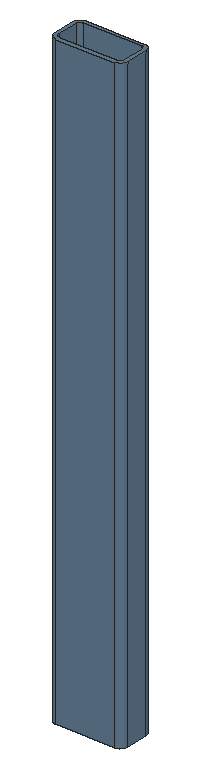
Revit family "28_CC_MOD_kolom_RHS", category Structural Columns, Revit 2019
Family settings
  Section Shape = Not Defined
  Material for Model Behavior = Steel
  Always export as geometry = No
  Beam cutback in plan = From bounding box
  Cut with Voids When Loaded = No
  Symbolic Representation = From Project Settings
  Shared = No
  Show family pre-cut in plan views = Yes
Parameters (values of type "RHS")
  Structural Material [instance] = Metal - Steel - 345 MPa
  NL_28_trans_afstand_Y [instance] = if(NL_28_rota, if(NL_28_trans_Y, -b / 2, 0 mm), if(NL_28_trans_Y, -Ht / 2, 0 mm))  # 0 mm
  NL_28_trans_afstand_X [instance] = if(NL_28_rota, if(NL_28_trans_X, -Ht / 2, 0 mm), if(NL_28_trans_X, -b / 2, 0 mm))  # 0 mm
  NL_28_symbool_afmeting [instance] = (b + Ht) / 2  # 225 mm
  NL_28_rotatie_hoek [instance] = if(NL_28_rota, 90.00°, 0.00°)  # 0.00°
  NL_28_rota [instance] = no
  NL_28_trans_X [instance] = no
  NL_28_trans_Y [instance] = no
  NL_28_hulp_lijf_y [instance] = -NL_28_trans_afstand_Y  # 0 mm
  NL_28_hulp_lijf_x [instance] = -NL_28_trans_afstand_X  # 0 mm
  Assembly Code = ""
  A = 0.011 m²
  W = 0.86593
  b = 300 mm
  Ht = 150 mm
  t = 20 mm
  r = t * 1.5  # 30 mm
Reference planes
  plane 1: y = 34.254
  plane 2: z = 0
  plane 3: x = 235.577
  plane 4: x = 235.577
  plane 5: y = 34.254
Forms (mm)
  Sweep 1, solid, material "Metal - Steel - 345 MPa" <- "Structural Material", detail levels medium+fine
    path origin (0, 34.254, 0) x (1, 0, 0) y (0, 0, 1)
      loop
        line (235.577, 0) -> (235.577, 2500)
    profile "NL_28_profiel_staal_koker : koker" origin (235.577, 34.254, 1250) x (-1, 0, 0) y (0, -1, 0)
      loop
        arc (-120, 60) -> (-130.607, 55.607) -> (-135, 45) r 15
        line (-135, 45) -> (-135, -45)
        arc (-135, -45) -> (-130.607, -55.607) -> (-120, -60) r 15
        line (-120, -60) -> (120, -60)
        arc (120, -60) -> (130.607, -55.607) -> (135, -45) r 15
        line (135, -45) -> (135, 45)
        arc (135, 45) -> (130.607, 55.607) -> (120, 60) r 15
        line (120, 60) -> (-120, 60)
      loop
        arc (-150, -45) -> (-141.213, -66.213) -> (-120, -75) r 30
        line (-120, -75) -> (120, -75)
        arc (120, -75) -> (141.213, -66.213) -> (150, -45) r 30
        line (150, -45) -> (150, 45)
        arc (150, 45) -> (141.213, 66.213) -> (120, 75) r 30
        line (120, 75) -> (-120, 75)
        arc (-120, 75) -> (-141.213, 66.213) -> (-150, 45) r 30
        line (-150, 45) -> (-150, -45)
Lines and regions (mm)
  symbolic lines, style "StructuralColumnStickSymbols"
    curve 1: line (123.077, 146.754, 0) -> (348.077, 146.754, 0)
    curve 2: line (123.077, -78.246, 0) -> (123.077, 146.754, 0)
    curve 3: line (348.077, -78.246, 0) -> (123.077, -78.246, 0)
    curve 4: line (348.077, 146.754, 0) -> (348.077, -78.246, 0)
Dimensions and locks
  "NL_28_symbool_afmeting": curve 2 to curve 4
  equal spacing: curve 2, plane 4, curve 4
  equal spacing: curve 3, plane 5, curve 1
  "NL_28_symbool_afmeting": curve 1 to curve 3
  "NL_28_hulp_lijf_x": plane 3 to plane 4
  "NL_28_hulp_lijf_y": plane 1 to plane 5
  aligned and locked: level to plane 2
  aligned and locked: level to Sweep 1 sketch curve  (x2)
  aligned and locked: plane 3 to Sweep 1 sketch curve
